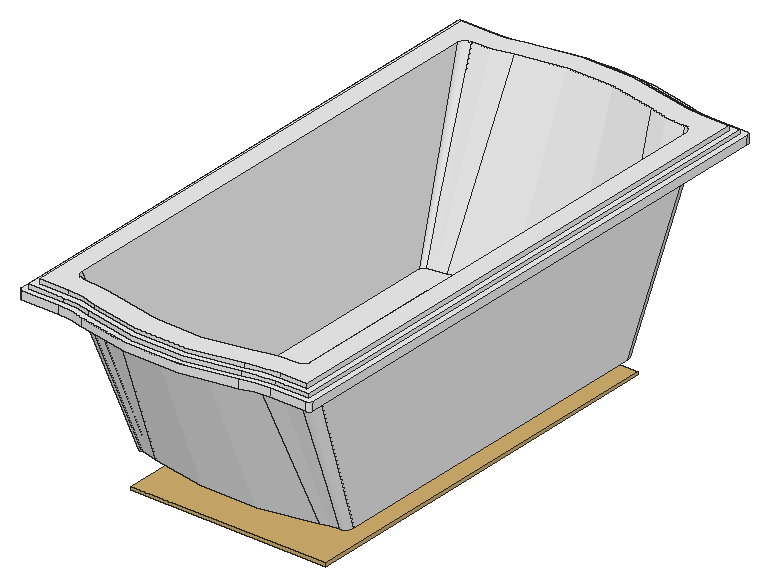
Revit family "bm-00085_abr784s", category Plumbing Fixtures, host Face, Revit 2016
Family settings
  Host = Face
  Part Type = Normal
  Round Connector Dimension = Use Radius
  OmniClass Number = 23.45.05.14.21
  OmniClass Title = Bathtubs
  Cut with Voids When Loaded = No
  Shared = No
  Room Calculation Point = No
Parameters (values of type "ABR784S")
  ecoScorecard_data = " "
  ecoScorecard Product Page = "  "
  Width = 35 7/8"
  Waste Connection Radius = 1 1/4"
  Waste Connection NPT = 2"
  Waste Connection = yes
  Warranty URL = "http://www.totousa.com/warranty-registration"
  Warranty = "1 Year Limited Warranty on acrylic tub; 1 Year Limited Warranty on components and parts"
  WFU = 0
  Voltage = 120 V
  Vent Connection = yes
  URL = "http://www.totousa.com"
  Toto BIM Number = "BM-00085"  # constant formula
  Subcategory = "Bathtubs"  # constant formula
  Style = "Traditional"  # constant formula
  Spec Sheet URL = "http://assets.totousa.com/product-files/SS-01027_ABR784.pdf"
  Shipping Weight = 148.00 lbf
  Series = "Clayton"  # constant formula
  Product Page URL = " "
  Parts Manual URL = "http://assets.totousa.com/product-files/PD-00811_REMOTE_AIRBATHS.pdf"
  Owners Manual URL = "http://assets.totousa.com/product-files/0GU5054_AIRBATH_OM.pdf"
  Number of Poles = 1
  Model = "ABA784L"  # constant formula
  Manufacturer Toll Free Phone = "1-888-295-8134"  # constant formula
  Manufacturer Phone = "(770) 282-8686 "  # constant formula
  Manufacturer Fax = "(770) 282-0002"  # constant formula
  Manufacturer Email = "mailto:custservice@totousa.com "
  Manufacturer Address = "1155 Southern Road, Morrow, Georgia 30260"  # constant formula
  Manufacturer = "TOTO USA, Inc."  # constant formula
  Installation URL = "http://assets.totousa.com/product-files/0GU5034_AIRBATH_BATHTUB_IM.pdf"
  Industry Standards = "300 VA"
  Height = 25 3/8"
  HWFU = 0
  HW Connection = no
  Full Load Amps = 15 A
  Frequency = 60 Hz
  Finish = Metal - TOTO - Chrome - Polished
  Description = "6' Air Bathtub"  # constant formula
  Depth = 71 5/8"
  Default Elevation = 0"
  Cost Info = "mailto:custservice@totousa.com "
  Color Availability = "#01  Cotton, #12  Sedona Beige"
  CWFU = 0
  CW Connection = no
  CAD Drawing URL = "http://assets.totousa.com/product-files/AD-00129_ABR784S.dxf"
  Bottom Plate = Metal - TOTO - LifeKoat - Brass - Polished
  Blower Motor Horsepower (HP) = 1
  Assembly Code = "D2010510"
  95 CSI = "15410"
  04 CSI = "22 41 19"
Reference planes (in)
  plane 1 "Center (Front/Back)": y = 0
  plane 2: z = 0
  plane 3 "Center (Left/Right)": x = 0
Dimensions and locks (in)
  aligned and locked: plane 2 to host face
  aligned and locked: level to host face
  aligned: nested 1 to plane 3 "Center (Left/Right)"
  aligned: plane 1 "Center (Front/Back)" to nested 1
  aligned and locked: nested 1 to plane 3 "Center (Left/Right)"
  aligned and locked: plane 1 "Center (Front/Back)" to nested 1
Nested families (in)
  nested 1: "ABA784L" at (0, 0, 0) x (0, 1, 0) z (0, 0, 1), type "ABA784L"
Connectors (in)
  piping at (9.8125, 0, 3.375), diameter 2.5, driven by "Waste Connection Radius"
    settings: on nested 1, index 1, connector inside diameter 2 1/2", connector length 0", flow factor 0, pipe flow 0 GPM, pressure drop 0.00 psi, fitting loss kfactor 0, connector angle 0.00°, fixture units 0, engagement length 0", angle of deflection 0.00°, flow configuration 3, flow direction 2, fitting loss method 0, system type 16, joint type 0, gender type 0, connector reference index -1, connector utility 0, adjustable connector no, is connector primary yes, connector description "Waste Outlet Connection"
  electrical at (13.85938, 0, 13.375), driven by "Voltage"
    settings: on nested 1, index 2, voltage 120 V, apparent load 0 VA, apparent load phase1 0 VA, apparent load phase2 0 VA, apparent load phase3 0 VA, power factor 1, load classification "Other", number of poles 1, system type 30, power factor state 1, is connector primary yes, connector utility no, sub classification motor no, connector description "Power Connection"
Definition of nested family "ABA784L"
  Parameters
    ecoScorecard_data = ""
    ecoScorecard Product Page = ""
    Waste Connection Radius = Waste Connection NPT / 2  # 1"
    Waste Connection NPT = 2"
    Waste Connection = yes
    WFU = 0
    Voltage = 120 V
    Vent Connection = yes
    URL = "http://www.totousa.com"
    Toto Version = "V.01"  # constant formula
    Toto BIM Number = "BM-00085"  # constant formula
    Subcategory = "Baths"  # constant formula
    Shipping Weight = 148.00 lbf
    Series = "Clayton"
    Product URL = "http://www.totousa.com/ProductDetail/tabid/75/Default.aspx?ProductId=20d99218-603c-4732-9ab9-e906ca661e77&SearchId=80163866-1f2e-47de-86ac-71a0c6c0640d"
    Number of Poles = 1
    Nominal Width = 35 7/8"  # constant formula
    Nominal Length = 71 5/8"  # constant formula
    Nominal Height = 25 3/8"  # constant formula
    Model = "ABA784L"
    Manufacturer = "TOTO USA, Inc."  # constant formula
    HWFU = 0
    HW Connection = no
    Full Load Amps = 15 A
    Frequency = 60 Hz
    Description = "6' Air Bathtub"
    Default Elevation = 0"
    CWFU = 0
    CW Connection = no
    CADworks URL = "http://www.CADworks.net"
    Bottom Plate = none
    Blower Motor Horsepower (HP) = 1
    Bathtub Material = none
    Assembly Code = "D2010510"
    Apparent Power = 300 VA
  Reference planes (in)
    plane 1 "Center (Front/Back)": y = 0
    plane 2: z = 0
    plane 3 "Center (Left/Right)": x = 0
    plane 4: y = 17.9375
    plane 5: y = -17.9375
    plane 6: x = -35.8125
    plane 7 "Wall Closure": x = 35.8125
    plane 8: z = 25.375
    plane 9: z = 23.375
    plane 10: z = 0.375
    plane 11: z = 3.375
    plane 12: z = 4.375
    plane 13: z = 24.375
    plane 14: z = 21.125
    plane 15: y = -9.8125
  Forms (in)
    Extrusion 1, solid
      sketch origin (0, 0, 0) x (1, 0, 0) y (0, 1, 0)
        loop
          line (-48, 48) -> (-48, -48) -> (48, -48) -> (48, 48) -> (-48, 48)
      from 0 to -12
    Extrusion 2, solid, material <- "Bathtub Material", detail levels medium+fine
      sketch origin (0, -79.70833, 23.375) x (0, -1, 0) y (1, 0, 0)
        loop
          arc (-97.64583, -33.40234) -> (-97.49938, -33.7559) -> (-97.14583, -33.90234) r 0.5
          line (-97.14583, -33.90234) -> (-92.78517, -33.90234)
          arc (-92.78517, -33.90234) -> (-91.05072, -34.02835) -> (-89.35269, -34.40373) r 12
          arc (-89.35269, -34.40373) -> (-79.70833, -35.8125) -> (-70.06396, -34.40373) r 33.71684
          arc (-70.06396, -34.40373) -> (-68.36594, -34.02835) -> (-66.63148, -33.90234) r 12
          line (-66.63148, -33.90234) -> (-62.27083, -33.90234)
          arc (-62.27083, -33.90234) -> (-61.91728, -33.7559) -> (-61.77083, -33.40234) r 0.5
          line (-61.77083, -33.40234) -> (-61.77083, 33.40234)
          arc (-61.77083, 33.40234) -> (-61.91728, 33.7559) -> (-62.27083, 33.90234) r 0.5
          line (-62.27083, 33.90234) -> (-66.63148, 33.90234)
          arc (-66.63148, 33.90234) -> (-68.36594, 34.02835) -> (-70.06396, 34.40373) r 12
          arc (-70.06396, 34.40373) -> (-79.70833, 35.8125) -> (-89.35269, 34.40373) r 33.71684
          arc (-89.35269, 34.40373) -> (-91.05072, 34.02835) -> (-92.78517, 33.90234) r 12
          line (-92.78517, 33.90234) -> (-97.14583, 33.90234)
          arc (-97.14583, 33.90234) -> (-97.49938, 33.7559) -> (-97.64583, 33.40234) r 0.5
          line (-97.64583, 33.40234) -> (-97.64583, -33.40234)
      from 0 to 2
    Extrusion 3, solid, material <- "Bottom Plate", detail levels fine
      sketch origin (0, 0, 0) x (1, 0, 0) y (0, 1, 0)
        loop
          line (-24, 12) -> (-24, -12) -> (24, -12) -> (24, 12) -> (-24, 12)
      from 0 to 0.375
    Extrusion 4, solid, material <- "Bathtub Material", detail levels medium+fine
      sketch origin (-60, -180, 0.375) x (-1, 0, 0) y (0, -1, 0)
        loop
          line (-45, -187) -> (-45, -183.5) -> (-48.5, -183.5) -> (-48.5, -187) -> (-45, -187)
        loop
          line (-75, -187) -> (-71.5, -187) -> (-71.5, -183.5) -> (-75, -183.5) -> (-75, -187)
        loop
          line (-45, -173) -> (-48.5, -173) -> (-48.5, -176.5) -> (-45, -176.5) -> (-45, -173)
        loop
          line (-75, -173) -> (-75, -176.5) -> (-71.5, -176.5) -> (-71.5, -173) -> (-75, -173)
      from -0.375 to 3
    SweptBlend 5, solid, material <- "Bathtub Material", detail levels medium+fine
      path origin (0, 0, 0) x (1, 0, 0) y (0, 0, 1)
        loop
          line (0, 3.375) -> (0, 23.375)
      profile origin (0, 0, 3.375) x (-1, 0, 0) y (0, -1, 0)
        loop
          arc (21.10933, -13.09375) -> (21.77557, -12.83949) -> (22.10301, -12.20599) r 1
          arc (22.10301, -12.20599) -> (22.26826, -11.15958) -> (22.52516, -10.13183) r 12
          arc (22.52516, -10.13183) -> (24, 0) -> (22.52516, 10.13183) r 35.53926
          arc (22.52516, 10.13183) -> (22.26826, 11.15958) -> (22.10301, 12.20599) r 12
          arc (22.10301, 12.20599) -> (21.77557, 12.83949) -> (21.10933, 13.09375) r 1
          line (21.10933, 13.09375) -> (-21.10933, 13.09375)
          arc (-21.10933, 13.09375) -> (-21.77557, 12.83949) -> (-22.10301, 12.20599) r 1
          arc (-22.10301, 12.20599) -> (-22.26826, 11.15958) -> (-22.52516, 10.13183) r 12
          arc (-22.52516, 10.13183) -> (-24, 0) -> (-22.52516, -10.13183) r 35.53926
          arc (-22.52516, -10.13183) -> (-22.26826, -11.15958) -> (-22.10301, -12.20599) r 12
          arc (-22.10301, -12.20599) -> (-21.77557, -12.83949) -> (-21.10933, -13.09375) r 1
          line (-21.10933, -13.09375) -> (21.10933, -13.09375)
      end profile origin (0, 0, 23.375) x (-1, 0, 0) y (0, -1, 0)
        loop
          arc (28.80866, -14.625) -> (29.87081, -14.18417) -> (30.30866, -13.12077) r 1.5
          arc (30.30866, -13.12077) -> (30.46918, -10.8447) -> (30.96014, -8.61641) r 15.59375
          arc (30.96014, -8.61641) -> (32.21875, 0) -> (30.96014, 8.61641) r 30.12309
          arc (30.96014, 8.61641) -> (30.46918, 10.8447) -> (30.30866, 13.12077) r 15.59375
          arc (30.30866, 13.12077) -> (29.87081, 14.18417) -> (28.80866, 14.625) r 1.5
          line (28.80866, 14.625) -> (-28.80866, 14.625)
          arc (-28.80866, 14.625) -> (-29.87081, 14.18417) -> (-30.30866, 13.12077) r 1.5
          arc (-30.30866, 13.12077) -> (-30.46918, 10.8447) -> (-30.96014, 8.61641) r 15.59375
          arc (-30.96014, 8.61641) -> (-32.21875, 0) -> (-30.96014, -8.61641) r 30.12309
          arc (-30.96014, -8.61641) -> (-30.46918, -10.8447) -> (-30.30866, -13.12077) r 15.59375
          arc (-30.30866, -13.12077) -> (-29.87081, -14.18417) -> (-28.80866, -14.625) r 1.5
          line (-28.80866, -14.625) -> (28.80866, -14.625)
    SweptBlend 6, void
      path origin (0, 0, 0) x (1, 0, 0) y (0, 0, 1)
        loop
          line (0, 4.375) -> (0, 25.375)
      profile origin (0, 0, 4.375) x (-1, 0, 0) y (0, -1, 0)
        loop
          arc (22.04591, -9.98929) -> (23.5, 0) -> (22.04591, 9.98929) r 35.03926
          arc (22.04591, 9.98929) -> (21.77831, 11.05986) -> (21.60617, 12.14987) r 12.5
          arc (21.60617, 12.14987) -> (21.44245, 12.46662) -> (21.10933, 12.59375) r 0.5
          line (21.10933, 12.59375) -> (-21.10933, 12.59375)
          arc (-21.10933, 12.59375) -> (-21.44245, 12.46662) -> (-21.60617, 12.14987) r 0.5
          arc (-21.60617, 12.14987) -> (-21.77831, 11.05986) -> (-22.04591, 9.98929) r 12.5
          arc (-22.04591, 9.98929) -> (-23.5, 0) -> (-22.04591, -9.98929) r 35.03926
          arc (-22.04591, -9.98929) -> (-21.77831, -11.05986) -> (-21.60617, -12.14987) r 12.5
          arc (-21.60617, -12.14987) -> (-21.44245, -12.46662) -> (-21.10933, -12.59375) r 0.5
          line (-21.10933, -12.59375) -> (21.10933, -12.59375)
          arc (21.10933, -12.59375) -> (21.44245, -12.46662) -> (21.60617, -12.14987) r 0.5
          arc (21.60617, -12.14987) -> (21.77831, -11.05986) -> (22.04591, -9.98929) r 12.5
      end profile origin (0, 0, 25.375) x (-1, 0, 0) y (0, -1, 0)
        loop
          arc (30.48103, -8.47339) -> (31.71875, 0) -> (30.48103, 8.47339) r 29.62309
          arc (30.48103, 8.47339) -> (29.97433, 10.77312) -> (29.80866, 13.12218) r 16.09375
          arc (29.80866, 13.12218) -> (29.51676, 13.83111) -> (28.80866, 14.125) r 1
          line (28.80866, 14.125) -> (-28.80866, 14.125)
          arc (-28.80866, 14.125) -> (-29.51676, 13.83111) -> (-29.80866, 13.12218) r 1
          arc (-29.80866, 13.12218) -> (-29.97433, 10.77312) -> (-30.48103, 8.47339) r 16.09375
          arc (-30.48103, 8.47339) -> (-31.71875, 0) -> (-30.48103, -8.47339) r 29.62309
          arc (-30.48103, -8.47339) -> (-29.97433, -10.77312) -> (-29.80866, -13.12218) r 16.09375
          arc (-29.80866, -13.12218) -> (-29.51676, -13.83111) -> (-28.80866, -14.125) r 1
          line (-28.80866, -14.125) -> (28.80866, -14.125)
          arc (28.80866, -14.125) -> (29.51676, -13.83111) -> (29.80866, -13.12218) r 1
          arc (29.80866, -13.12218) -> (29.97433, -10.77312) -> (30.48103, -8.47339) r 16.09375
    Extrusion 7, void
      sketch origin (0, -79.70833, 25.375) x (1, 0, 0) y (0, -1, 0)
        loop
          line (-35.8125, -97.64583) -> (35.8125, -97.64583) -> (35.8125, -61.77083) -> (-35.8125, -61.77083) -> (-35.8125, -97.64583)
        loop
          arc (-32.96641, -88.92363) -> (-32.5441, -90.83391) -> (-32.40234, -92.78517) r 13.5
          line (-32.40234, -92.78517) -> (-32.40234, -96.14583) -> (32.40234, -96.14583) -> (32.40234, -92.78517)
          arc (32.40234, -92.78517) -> (32.5441, -90.83391) -> (32.96641, -88.92363) r 13.5
          arc (32.96641, -88.92363) -> (34.3125, -79.70833) -> (32.96641, -70.49302) r 32.21684
          arc (32.96641, -70.49302) -> (32.5441, -68.58274) -> (32.40234, -66.63148) r 13.5
          line (32.40234, -66.63148) -> (32.40234, -63.27083) -> (-32.40234, -63.27083) -> (-32.40234, -66.63148)
          arc (-32.40234, -66.63148) -> (-32.5441, -68.58274) -> (-32.96641, -70.49302) r 13.5
          arc (-32.96641, -70.49302) -> (-34.3125, -79.70833) -> (-32.96641, -88.92363) r 32.21684
      from 0 to 0.5
    Extrusion 8, void
      sketch origin (0, -79.70833, 24.875) x (0, 1, 0) y (1, 0, 0)
        loop
          arc (70.27849, -33.68507) -> (79.70833, -35.0625) -> (89.13816, -33.68507) r 32.96684
          arc (89.13816, -33.68507) -> (90.94232, -33.28623) -> (92.78517, -33.15234) r 12.75
          line (92.78517, -33.15234) -> (96.89583, -33.15234) -> (96.89583, 33.15234) -> (92.78517, 33.15234)
          arc (92.78517, 33.15234) -> (90.94232, 33.28623) -> (89.13816, 33.68507) r 12.75
          arc (89.13816, 33.68507) -> (79.70833, 35.0625) -> (70.27849, 33.68507) r 32.96684
          arc (70.27849, 33.68507) -> (68.47434, 33.28623) -> (66.63148, 33.15234) r 12.75
          line (66.63148, 33.15234) -> (62.52083, 33.15234) -> (62.52083, -33.15234) -> (66.63148, -33.15234)
          arc (66.63148, -33.15234) -> (68.47434, -33.28623) -> (70.27849, -33.68507) r 12.75
        loop
          line (97.64583, -35.8125) -> (97.64583, 35.8125) -> (61.77083, 35.8125) -> (61.77083, -35.8125) -> (97.64583, -35.8125)
      from 0 to 0.5
    Extrusion 9, void
      sketch origin (0, -79.70833, 4.375) x (1, 0, 0) y (0, -1, 0)
        loop
          arc (-19.09756, -71.19254) -> (-20.25, -79.70833) -> (-19.09756, -88.22412) r 32.03926
          arc (-19.09756, -88.22412) -> (-18.73942, -88.75388) -> (-18.13353, -88.95833) r 1
          line (-18.13353, -88.95833) -> (18.13353, -88.95833)
          arc (18.13353, -88.95833) -> (18.73942, -88.75388) -> (19.09756, -88.22412) r 1
          arc (19.09756, -88.22412) -> (20.25, -79.70833) -> (19.09756, -71.19254) r 32.03926
          arc (19.09756, -71.19254) -> (18.73942, -70.66278) -> (18.13353, -70.45833) r 1
          line (18.13353, -70.45833) -> (3.13187, -70.45833)
          arc (3.13187, -70.45833) -> (2.60576, -70.60791) -> (2.23705, -71.0119) r 1
          arc (2.23705, -71.0119) -> (0, -72.39583) -> (-2.23705, -71.0119) r 2.5
          arc (-2.23705, -71.0119) -> (-2.60576, -70.60791) -> (-3.13187, -70.45833) r 1
          line (-3.13187, -70.45833) -> (-18.13353, -70.45833)
          arc (-18.13353, -70.45833) -> (-18.73942, -70.66278) -> (-19.09756, -71.19254) r 1
      from 0 to 0.25
    Extrusion 10, void
      sketch origin (0, -79.70833, 4.375) x (1, 0, 0) y (0, -1, 0)
        loop
          circle (0, -69.89583) r 1
      from 0 to 1
    Extrusion 11, void
      sketch origin (-60, 17.9375, 48) x (1, 0, 0) y (0, 0, 1)
        loop
          circle (60, -26.875) r 1
      from 27.75 to 35.875
    Extrusion 12, solid, material <- "Bathtub Material", detail levels coarse
      sketch origin (0, -79.70833, 25.375) x (0, -1, 0) y (1, 0, 0)
        loop
          line (-97.64583, 33.40234) -> (-97.64583, -33.40234)
          arc (-97.64583, -33.40234) -> (-97.49938, -33.7559) -> (-97.14583, -33.90234) r 0.5
          line (-97.14583, -33.90234) -> (-92.78517, -33.90234)
          arc (-92.78517, -33.90234) -> (-91.05072, -34.02835) -> (-89.35269, -34.40373) r 12
          arc (-89.35269, -34.40373) -> (-84.58169, -35.45845) -> (-79.70833, -35.8125) r 33.71684
          arc (-79.70833, -35.8125) -> (-74.83497, -35.45845) -> (-70.06396, -34.40373) r 33.71684
          arc (-70.06396, -34.40373) -> (-68.36594, -34.02835) -> (-66.63148, -33.90234) r 12
          line (-66.63148, -33.90234) -> (-62.27083, -33.90234)
          arc (-62.27083, -33.90234) -> (-61.91728, -33.7559) -> (-61.77083, -33.40234) r 0.5
          line (-61.77083, -33.40234) -> (-61.77083, 33.40234)
          arc (-61.77083, 33.40234) -> (-61.91728, 33.7559) -> (-62.27083, 33.90234) r 0.5
          line (-62.27083, 33.90234) -> (-66.63148, 33.90234)
          arc (-66.63148, 33.90234) -> (-68.36594, 34.02835) -> (-70.06396, 34.40373) r 12
          arc (-70.06396, 34.40373) -> (-74.83497, 35.45845) -> (-79.70833, 35.8125) r 33.71684
          arc (-79.70833, 35.8125) -> (-84.58169, 35.45845) -> (-89.35269, 34.40373) r 33.71684
          arc (-89.35269, 34.40373) -> (-91.05072, 34.02835) -> (-92.78517, 33.90234) r 12
          line (-92.78517, 33.90234) -> (-97.14583, 33.90234)
          arc (-97.14583, 33.90234) -> (-97.49938, 33.7559) -> (-97.64583, 33.40234) r 0.5
      from 0 to -25.375
  Cuts and joins
    SweptBlend 6, Extrusion 7, Extrusion 8, Extrusion 9, Extrusion 10, Extrusion 11 cuts Extrusion 2
    SweptBlend 6, Extrusion 7, Extrusion 8, Extrusion 9, Extrusion 10, Extrusion 11 cuts SweptBlend 5
    joined: Extrusion 2, SweptBlend 5
  Lines and regions (in)
    symbolic lines
      curve 1: line (33.40234, 17.9375, 25.375) -> (-33.40234, 17.9375, 25.375)
      curve 2: arc (-33.40234, 17.9375, 25.375) -> (-33.7559, 17.79105, 25.375) -> (-33.90234, 17.4375, 25.375) r 0.5
      curve 3: line (-33.90234, 17.4375, 25.375) -> (-33.90234, 13.07685, 25.375)
      curve 4: arc (-33.90234, 13.07685, 25.375) -> (-34.02835, 11.34239, 25.375) -> (-34.40373, 9.64437, 25.375) r 12
      curve 5: arc (-34.40373, 9.64437, 25.375) -> (-35.45845, 4.87336, 25.375) -> (-35.8125, 0, 25.375) r 33.71684
      curve 6: arc (-35.8125, 0, 25.375) -> (-35.45845, -4.87336, 25.375) -> (-34.40373, -9.64437, 25.375) r 33.71684
      curve 7: arc (-34.40373, -9.64437, 25.375) -> (-34.02835, -11.34239, 25.375) -> (-33.90234, -13.07685, 25.375) r 12
      curve 8: line (-33.90234, -13.07685, 25.375) -> (-33.90234, -17.4375, 25.375)
      curve 9: arc (-33.90234, -17.4375, 25.375) -> (-33.7559, -17.79105, 25.375) -> (-33.40234, -17.9375, 25.375) r 0.5
      curve 10: line (-33.40234, -17.9375, 25.375) -> (33.40234, -17.9375, 25.375)
      curve 11: arc (33.40234, -17.9375, 25.375) -> (33.7559, -17.79105, 25.375) -> (33.90234, -17.4375, 25.375) r 0.5
      curve 12: line (33.90234, -17.4375, 25.375) -> (33.90234, -13.07685, 25.375)
      curve 13: arc (33.90234, -13.07685, 25.375) -> (34.02835, -11.34239, 25.375) -> (34.40373, -9.64437, 25.375) r 12
      curve 14: arc (34.40373, -9.64437, 25.375) -> (35.45845, -4.87336, 25.375) -> (35.8125, 0, 25.375) r 33.71684
      curve 15: arc (35.8125, 0, 25.375) -> (35.45845, 4.87336, 25.375) -> (34.40373, 9.64437, 25.375) r 33.71684
      curve 16: arc (34.40373, 9.64437, 25.375) -> (34.02835, 11.34239, 25.375) -> (33.90234, 13.07685, 25.375) r 12
      curve 17: line (33.90234, 13.07685, 25.375) -> (33.90234, 17.4375, 25.375)
      curve 18: arc (33.90234, 17.4375, 25.375) -> (33.7559, 17.79105, 25.375) -> (33.40234, 17.9375, 25.375) r 0.5
    symbolic lines, detail levels medium+fine
      curve 19: line (33.15234, 17.1875, 25.375) -> (-33.15234, 17.1875, 25.375)
      curve 20: line (-33.15234, 17.1875, 25.375) -> (-33.15234, 13.07685, 25.375)
      curve 21: arc (-33.15234, 13.07685, 25.375) -> (-33.28623, 11.23399, 25.375) -> (-33.68507, 9.42984, 25.375) r 12.75
      curve 22: arc (-33.68507, 9.42984, 25.375) -> (-35.0625, 0, 25.375) -> (-33.68507, -9.42984, 25.375) r 32.96684
      curve 23: arc (-33.68507, -9.42984, 25.375) -> (-33.28623, -11.23399, 25.375) -> (-33.15234, -13.07685, 25.375) r 12.75
      curve 24: line (-33.15234, -13.07685, 25.375) -> (-33.15234, -17.1875, 25.375)
      curve 25: line (-33.15234, -17.1875, 25.375) -> (33.15234, -17.1875, 25.375)
      curve 26: line (33.15234, -17.1875, 25.375) -> (33.15234, -13.07685, 25.375)
      curve 27: arc (33.15234, -13.07685, 25.375) -> (33.28623, -11.23399, 25.375) -> (33.68507, -9.42984, 25.375) r 12.75
      curve 28: arc (33.68507, -9.42984, 25.375) -> (35.0625, 0, 25.375) -> (33.68507, 9.42984, 25.375) r 32.96684
      curve 29: arc (33.68507, 9.42984, 25.375) -> (33.28623, 11.23399, 25.375) -> (33.15234, 13.07685, 25.375) r 12.75
      curve 30: line (33.15234, 13.07685, 25.375) -> (33.15234, 17.1875, 25.375)
      curve 31: line (-32.40234, 16.4375, 25.375) -> (-32.40234, 13.07685, 25.375)
      curve 32: arc (-32.40234, 13.07685, 25.375) -> (-32.5441, 11.12559, 25.375) -> (-32.96641, 9.21531, 25.375) r 13.5
      curve 33: arc (-32.96641, 9.21531, 25.375) -> (-34.3125, 0, 25.375) -> (-32.96641, -9.21531, 25.375) r 32.21684
      curve 34: arc (-32.96641, -9.21531, 25.375) -> (-32.5441, -11.12559, 25.375) -> (-32.40234, -13.07685, 25.375) r 13.5
      curve 35: line (-32.40234, -13.07685, 25.375) -> (-32.40234, -16.4375, 25.375)
      curve 36: line (-32.40234, -16.4375, 25.375) -> (32.40234, -16.4375, 25.375)
      curve 37: line (32.40234, -16.4375, 25.375) -> (32.40234, -13.07685, 25.375)
      curve 38: arc (32.40234, -13.07685, 25.375) -> (32.5441, -11.12559, 25.375) -> (32.96641, -9.21531, 25.375) r 13.5
      curve 39: arc (32.96641, -9.21531, 25.375) -> (34.3125, 0, 25.375) -> (32.96641, 9.21531, 25.375) r 32.21684
      curve 40: arc (32.96641, 9.21531, 25.375) -> (32.5441, 11.12559, 25.375) -> (32.40234, 13.07685, 25.375) r 13.5
      curve 41: line (32.40234, 13.07685, 25.375) -> (32.40234, 16.4375, 25.375)
      curve 42: line (32.40234, 16.4375, 25.375) -> (-32.40234, 16.4375, 25.375)
      curve 43: line (-28.80866, 14.125, 25.375) -> (28.80866, 14.125, 25.375)
      curve 44: arc (28.80866, 14.125, 25.375) -> (29.51676, 13.83111, 25.375) -> (29.80866, 13.12218, 25.375) r 1
      curve 45: arc (29.80866, 13.12218, 25.375) -> (29.97433, 10.77312, 25.375) -> (30.48103, 8.47339, 25.375) r 16.09375
      curve 46: arc (30.48103, 8.47339, 25.375) -> (31.71875, 0, 25.375) -> (30.48103, -8.47339, 25.375) r 29.62309
      curve 47: arc (30.48103, -8.47339, 25.375) -> (29.97433, -10.77312, 25.375) -> (29.80866, -13.12218, 25.375) r 16.09375
      curve 48: arc (29.80866, -13.12218, 25.375) -> (29.51676, -13.83111, 25.375) -> (28.80866, -14.125, 25.375) r 1
      curve 49: line (28.80866, -14.125, 25.375) -> (-28.80866, -14.125, 25.375)
      curve 50: arc (-28.80866, -14.125, 25.375) -> (-29.51676, -13.83111, 25.375) -> (-29.80866, -13.12218, 25.375) r 1
      curve 51: arc (-29.80866, -13.12218, 25.375) -> (-29.97433, -10.77312, 25.375) -> (-30.48103, -8.47339, 25.375) r 16.09375
      curve 52: arc (-30.48103, -8.47339, 25.375) -> (-31.71875, 0, 25.375) -> (-30.48103, 8.47339, 25.375) r 29.62309
      curve 53: arc (-30.48103, 8.47339, 25.375) -> (-29.97433, 10.77312, 25.375) -> (-29.80866, 13.12218, 25.375) r 16.09375
      curve 54: arc (-29.80866, 13.12218, 25.375) -> (-29.51676, 13.83111, 25.375) -> (-28.80866, 14.125, 25.375) r 1
      curve 55: line (21.10933, 12.59375, 25.375) -> (-21.10933, 12.59375, 25.375)
      curve 56: arc (-21.10933, 12.59375, 25.375) -> (-21.44245, 12.46662, 25.375) -> (-21.60617, 12.14987, 25.375) r 0.5
      curve 57: arc (-21.60617, 12.14987, 25.375) -> (-21.77831, 11.05986, 25.375) -> (-22.04591, 9.98929, 25.375) r 12.5
      curve 58: arc (-22.04591, 9.98929, 25.375) -> (-23.5, 0, 25.375) -> (-22.04591, -9.98929, 25.375) r 35.03926
      curve 59: arc (-22.04591, -9.98929, 25.375) -> (-21.77831, -11.05986, 25.375) -> (-21.60617, -12.14987, 25.375) r 12.5
      curve 60: arc (-21.60617, -12.14987, 25.375) -> (-21.44245, -12.46662, 25.375) -> (-21.10933, -12.59375, 25.375) r 0.5
      curve 61: line (-21.10933, -12.59375, 25.375) -> (21.10933, -12.59375, 25.375)
      curve 62: arc (21.10933, -12.59375, 25.375) -> (21.44245, -12.46662, 25.375) -> (21.60617, -12.14987, 25.375) r 0.5
      curve 63: arc (21.60617, -12.14987, 25.375) -> (21.77831, -11.05986, 25.375) -> (22.04591, -9.98929, 25.375) r 12.5
      curve 64: arc (22.04591, -9.98929, 25.375) -> (23.5, 0, 25.375) -> (22.04591, 9.98929, 25.375) r 35.03926
      curve 65: arc (22.04591, 9.98929, 25.375) -> (21.77831, 11.05986, 25.375) -> (21.60617, 12.14987, 25.375) r 12.5
      curve 66: arc (21.60617, 12.14987, 25.375) -> (21.44245, 12.46662, 25.375) -> (21.10933, 12.59375, 25.375) r 0.5
      curve 67: line (-18.13353, 9.25, 25.375) -> (18.13353, 9.25, 25.375)
      curve 68: arc (18.13353, 9.25, 25.375) -> (18.73942, 9.04555, 25.375) -> (19.09756, 8.51579, 25.375) r 1
      curve 69: arc (19.09756, 8.51579, 25.375) -> (20.25, 0, 25.375) -> (19.09756, -8.51579, 25.375) r 32.03926
      curve 70: arc (19.09756, -8.51579, 25.375) -> (18.73942, -9.04555, 25.375) -> (18.13353, -9.25, 25.375) r 1
      curve 71: line (18.13353, -9.25, 25.375) -> (3.13187, -9.25, 25.375)
      curve 72: arc (3.13187, -9.25, 25.375) -> (2.60576, -9.10042, 25.375) -> (2.23705, -8.69643, 25.375) r 1
      curve 73: arc (2.23705, -8.69643, 25.375) -> (0, -7.3125, 25.375) -> (-2.23705, -8.69643, 25.375) r 2.5
      curve 74: arc (-2.23705, -8.69643, 25.375) -> (-2.60576, -9.10042, 25.375) -> (-3.13187, -9.25, 25.375) r 1
      curve 75: line (-3.13187, -9.25, 25.375) -> (-18.13353, -9.25, 25.375)
      curve 76: arc (-18.13353, -9.25, 25.375) -> (-18.73942, -9.04555, 25.375) -> (-19.09756, -8.51579, 25.375) r 1
      curve 77: arc (-19.09756, -8.51579, 25.375) -> (-20.25, 0, 25.375) -> (-19.09756, 8.51579, 25.375) r 32.03926
      curve 78: arc (-19.09756, 8.51579, 25.375) -> (-18.73942, 9.04555, 25.375) -> (-18.13353, 9.25, 25.375) r 1
      curve 79: arc (1, -9.8125, 25.375) -> (0, -10.8125, 25.375) -> (-1, -9.8125, 25.375) r 1
      curve 80: arc (-1, -9.8125, 25.375) -> (0, -8.8125, 25.375) -> (1, -9.8125, 25.375) r 1
      curve 81: spline (0.99963, -13.8151, 25.375) -> (0.96616, -13.83396, 25.375) -> (0.86661, -13.85154, 25.375) -> (0.70781, -13.86664, 25.375) -> (0.5006, -13.87823, 25.375) -> (0.25916, -13.88551, 25.375) -> (0, -13.888, 25.375) -> (-0.25916, -13.88551, 25.375) -> (-0.5006, -13.87823, 25.375) -> (-0.70781, -13.86664, 25.375) -> (-0.86661, -13.85154, 25.375) -> (-0.96616, -13.83396, 25.375) -> (-0.99963, -13.8151, 25.375)
      curve 82: spline (-0.99963, -13.8151, 25.375) -> (-0.96616, -13.79625, 25.375) -> (-0.86661, -13.77867, 25.375) -> (-0.70781, -13.76357, 25.375) -> (-0.5006, -13.75198, 25.375) -> (-0.25916, -13.7447, 25.375) -> (0, -13.74221, 25.375) -> (0.25916, -13.7447, 25.375) -> (0.5006, -13.75198, 25.375) -> (0.70781, -13.76357, 25.375) -> (0.86661, -13.77867, 25.375) -> (0.96616, -13.79625, 25.375) -> (0.99963, -13.8151, 25.375)
      curve 87: line (-34.3125, 9.8125, 25.375) -> (34.3125, 9.8125, 25.375)
      curve 88: line (35.0625, 9.8125, 24.875) -> (-35.0625, 9.8125, 24.875)
      curve 89: line (35.8125, 9.8125, 24.375) -> (-35.8125, 9.8125, 24.375)
      curve 90: line (35.8125, 9.8125, 23.375) -> (-35.8125, 9.8125, 23.375)
      curve 91: line (-34.3125, 9.8125, 25.375) -> (-34.3125, 9.8125, 24.875)
      curve 92: line (-35.0625, 9.8125, 24.875) -> (-35.0625, 9.8125, 24.375)
      curve 93: line (-35.8125, 9.8125, 24.375) -> (-35.8125, 9.8125, 23.375)
      curve 94: line (-33.90234, 9.8125, 24.375) -> (-33.90234, 9.8125, 23.375)
      curve 95: line (-33.15234, 9.8125, 24.875) -> (-33.15234, 9.8125, 24.375)
      curve 96: line (-32.40234, 9.8125, 25.375) -> (-32.40234, 9.8125, 24.875)
      curve 97: line (-24, 9.8125, 3.375) -> (-32.2221, 9.8125, 23.375)
      curve 98: line (24, 9.8125, 3.375) -> (-24, 9.8125, 3.375)
      curve 99: line (24, 9.8125, 3.375) -> (32.2199, 9.8125, 23.375)
      curve 100: line (34.3125, 9.8125, 25.375) -> (34.3125, 9.8125, 24.875)
      curve 101: line (35.0625, 9.8125, 24.875) -> (35.0625, 9.8125, 24.375)
      curve 102: line (35.8125, 9.8125, 24.375) -> (35.8125, 9.8125, 23.375)
      curve 103: line (33.90234, 9.8125, 24.375) -> (33.90234, 9.8125, 23.375)
      curve 104: line (33.15234, 9.8125, 24.875) -> (33.15234, 9.8125, 24.375)
      curve 105: line (32.40234, 9.8125, 25.375) -> (32.40234, 9.8125, 24.875)
      curve 106: arc (-1, 9.8125, 21.125) -> (0, 9.8125, 20.125) -> (1, 9.8125, 21.125) r 1
      curve 107: arc (1, 9.8125, 21.125) -> (0, 9.8125, 22.125) -> (-1, 9.8125, 21.125) r 1
      curve 108: line (11.5, 9.8125, 3.375) -> (11.5, 9.8125, 0.375)
      curve 109: line (15, 9.8125, 3.375) -> (15, 9.8125, 0.375)
      curve 110: line (-11.5, 9.8125, 3.375) -> (-11.5, 9.8125, 0.375)
      curve 111: line (-15, 9.8125, 3.375) -> (-15, 9.8125, 0.375)
      curve 126: line (0, 16.4375, 25.375) -> (0, -16.4375, 25.375)
      curve 127: line (0, -17.1875, 24.875) -> (0, 17.1875, 24.875)
      curve 128: line (0, -17.9375, 24.375) -> (0, 17.9375, 24.375)
      curve 129: line (0, -17.9375, 23.375) -> (0, 17.9375, 23.375)
      curve 130: line (0, 16.4375, 25.375) -> (0, 16.4375, 24.875)
      curve 131: line (0, 17.1875, 24.875) -> (0, 17.1875, 24.375)
      curve 132: line (0, 17.9375, 24.375) -> (0, 17.9375, 23.375)
      curve 133: line (0, -16.4375, 25.375) -> (0, -16.4375, 24.875)
      curve 134: line (0, -17.1875, 24.875) -> (0, -17.1875, 24.375)
      curve 135: line (0, -17.9375, 24.375) -> (0, -17.9375, 23.375)
      curve 136: line (0, -13.09375, 3.375) -> (0, 13.09375, 3.375)
      curve 137: line (0, -13.09375, 3.375) -> (0, -14.625, 23.375)
      curve 138: line (0, 13.09375, 3.375) -> (0, 14.625, 23.375)
      curve 139: line (0, 7, 3.375) -> (0, 7, 0.375)
      curve 140: line (0, 3.5, 3.375) -> (0, 3.5, 0.375)
      curve 141: line (0, -3.5, 3.375) -> (0, -3.5, 0.375)
      curve 142: line (0, -7, 3.375) -> (0, -7, 0.375)
    symbolic lines, detail levels coarse
      curve 83: line (-35.8125, 9.8125, 25.375) -> (35.8125, 9.8125, 25.375)
      curve 84: line (-35.8125, 9.8125, 0) -> (-35.8125, 9.8125, 25.375)
      curve 85: line (35.8125, 9.8125, 0) -> (-35.8125, 9.8125, 0)
      curve 86: line (35.8125, 9.8125, 25.375) -> (35.8125, 9.8125, 0)
      curve 122: line (0, 17.9375, 25.375) -> (0, -17.9375, 25.375)
      curve 123: line (0, 17.9375, 0) -> (0, 17.9375, 25.375)
      curve 124: line (0, -17.9375, 0) -> (0, 17.9375, 0)
      curve 125: line (0, -17.9375, 25.375) -> (0, -17.9375, 0)
    symbolic lines, detail levels medium
      curve 112: line (-15, 9.8125, 0.375) -> (-15, 9.8125, 0)
      curve 113: line (-15, 9.8125, 0) -> (-11.5, 9.8125, 0)
      curve 114: line (-11.5, 9.8125, 0) -> (-11.5, 9.8125, 0.375)
      curve 115: line (11.5, 9.8125, 0.375) -> (11.5, 9.8125, 0)
      curve 116: line (11.5, 9.8125, 0) -> (15, 9.8125, 0)
      curve 117: line (15, 9.8125, 0) -> (15, 9.8125, 0.375)
      curve 143: line (0, -3.5, 0.375) -> (0, -3.5, 0)
      curve 144: line (0, -3.5, 0) -> (0, -7, 0)
      curve 145: line (0, -7, 0) -> (0, -7, 0.375)
      curve 146: line (0, 7, 0.375) -> (0, 7, 0)
      curve 147: line (0, 7, 0) -> (0, 3.5, 0)
      curve 148: line (0, 3.5, 0) -> (0, 3.5, 0.375)
    symbolic lines, detail levels fine
      curve 118: line (-24, 9.8125, 0.375) -> (24, 9.8125, 0.375)
      curve 119: line (-24, 9.8125, 0) -> (-24, 9.8125, 0.375)
      curve 120: line (24, 9.8125, 0) -> (-24, 9.8125, 0)
      curve 121: line (24, 9.8125, 0.375) -> (24, 9.8125, 0)
      curve 149: line (0, 12, 0.375) -> (0, -12, 0.375)
      curve 150: line (0, 12, 0) -> (0, 12, 0.375)
      curve 151: line (0, -12, 0) -> (0, 12, 0)
      curve 152: line (0, -12, 0.375) -> (0, -12, 0)
  Dimensions and locks (in)
    "Nominal Width": plane 5 to plane 4
    equal spacing: plane 5, plane 1 "Center (Front/Back)", plane 4
    "Nominal Length": plane 6 to plane 7 "Wall Closure"
    equal spacing: plane 6, plane 3 "Center (Left/Right)", plane 7 "Wall Closure"
    "Nominal Height": plane 8 to plane 2
    locked: plane 8 to plane 9 at 2
    locked: Extrusion 2 sketch curve to Extrusion 2 sketch curve at 67.80469  (x2)
    equal spacing: Extrusion 2 sketch curve, plane 3 "Center (Left/Right)", Extrusion 2 sketch curve  (x2)
    Extrusion 2 sketch curve to Extrusion 2 sketch curve to plane 1 "Center (Front/Back)" to Extrusion 2 sketch curve to Extrusion 2 sketch curve = 3.43248" locked, 9.64437" locked, 9.64437" locked, 3.43248" locked  (x2)
    locked: Extrusion 2 sketch curve to Extrusion 2 sketch curve at 0.50139  (x4)
    locked: Extrusion 2 sketch curve to Extrusion 2 sketch curve at 0.5  (x8)
    locked: Extrusion 3 sketch curve to Extrusion 3 sketch curve at 24
    equal spacing: Extrusion 3 sketch curve, plane 1 "Center (Front/Back)", Extrusion 3 sketch curve
    locked: Extrusion 3 sketch curve to Extrusion 3 sketch curve at 48
    equal spacing: Extrusion 3 sketch curve, plane 3 "Center (Left/Right)", Extrusion 3 sketch curve
    locked: plane 10 to plane 2 at 0.375
    Extrusion 4 sketch curve to Extrusion 4 sketch curve to plane 3 "Center (Left/Right)" to Extrusion 4 sketch curve to Extrusion 4 sketch curve = 3 1/2" locked, 11 1/2" locked, 11 1/2" locked, 3 1/2" locked  (x2)
    Extrusion 4 sketch curve to Extrusion 4 sketch curve to plane 1 "Center (Front/Back)" to Extrusion 4 sketch curve to Extrusion 4 sketch curve = 3 1/2" locked, 3 1/2" locked, 3 1/2" locked, 3 1/2" locked  (x2)
    SweptBlend 5 sketch curve to SweptBlend 5 sketch curve to SweptBlend 5 sketch curve to plane 3 "Center (Left/Right)" to SweptBlend 5 sketch curve to SweptBlend 5 sketch curve to SweptBlend 5 sketch curve = 0.65148" locked, 1 1/2" locked, 28.80866" locked, 28.80866" locked, 1 1/2" locked, 0.65148" locked
    SweptBlend 5 sketch curve to SweptBlend 5 sketch curve to SweptBlend 5 sketch curve to plane 1 "Center (Front/Back)" to SweptBlend 5 sketch curve to SweptBlend 5 sketch curve to SweptBlend 5 sketch curve = 1.50423" locked, 4.50437" locked, 8.61641" locked, 8.61641" locked, 4.50437" locked, 1.50423" locked
    SweptBlend 5 sketch curve to SweptBlend 5 sketch curve to plane 3 "Center (Left/Right)" to SweptBlend 5 sketch curve to SweptBlend 5 sketch curve = 1 1/2" locked, 28.80866" locked, 28.80866" locked, 1 1/2" locked
    SweptBlend 5 sketch curve to SweptBlend 5 sketch curve to SweptBlend 5 sketch curve = 4.50437" locked, 1.50423" locked  (x2)
    locked: plane 8 to plane 12 at 21
    SweptBlend 6 sketch curve to SweptBlend 6 sketch curve to SweptBlend 6 sketch curve to plane 3 "Center (Left/Right)" to SweptBlend 6 sketch curve to SweptBlend 6 sketch curve to SweptBlend 6 sketch curve = 0.67237" locked, 1" locked, 28.80866" locked, 28.80866" locked, 1" locked, 0.67237" locked  (x2)
    SweptBlend 6 sketch curve to SweptBlend 6 sketch curve to SweptBlend 6 sketch curve to plane 1 "Center (Front/Back)" to SweptBlend 6 sketch curve to SweptBlend 6 sketch curve to SweptBlend 6 sketch curve = 1.00282" locked, 4.64879" locked, 8.47339" locked, 8.47339" locked, 4.64879" locked, 1.00282" locked
    SweptBlend 6 sketch curve to SweptBlend 6 sketch curve to SweptBlend 6 sketch curve = 1.00282" locked, 4.64879" locked  (x2)
    plane 12 to cut or joined group of Extrusion 2, SweptBlend 5, SweptBlend 6, Extrusion 7, Extrusion 8, Extrusion 9, Extrusion 10, Extrusion 11 to plane 11 = 1/4" locked, 3/4" locked
    plane 8 to cut or joined group of Extrusion 2, SweptBlend 5, SweptBlend 6, Extrusion 7, Extrusion 8, Extrusion 9, Extrusion 10, Extrusion 11 to cut or joined group of Extrusion 2, SweptBlend 5, SweptBlend 6, Extrusion 7, Extrusion 8, Extrusion 9, Extrusion 10, Extrusion 11 to plane 9 = 1/2" locked, 1/2" locked, 1" locked
    plane 6 to Extrusion 8 sketch curve to Extrusion 8 sketch curve = 2.12743" locked, 0.53272" locked  (x2)
    Extrusion 8 sketch curve to Extrusion 8 sketch curve to plane 7 "Wall Closure" = 0.53272" locked, 2.12743" locked  (x2)
    plane 5 to Extrusion 8 sketch curve to Extrusion 8 sketch curve to Extrusion 8 sketch curve = 3/4" locked, 4.11065" locked, 3.64701" locked
    plane 4 to Extrusion 8 sketch curve to Extrusion 8 sketch curve to Extrusion 8 sketch curve = 3/4" locked, 4.11065" locked, 3.64701" locked
    Extrusion 8 sketch curve to Extrusion 8 sketch curve to Extrusion 8 sketch curve = 4.11065" locked, 3.64701" locked  (x2)
    plane 6 to Extrusion 7 sketch curve to Extrusion 7 sketch curve = 2.84609" locked, 0.56406" locked  (x2)
    Extrusion 7 sketch curve to Extrusion 7 sketch curve to plane 7 "Wall Closure" = 0.56406" locked, 2.84609" locked  (x2)
    plane 4 to Extrusion 7 sketch curve to Extrusion 7 sketch curve to Extrusion 7 sketch curve = 1 1/2" locked, 3.36065" locked, 3.86154" locked
    plane 5 to Extrusion 7 sketch curve to Extrusion 7 sketch curve to Extrusion 7 sketch curve = 1 1/2" locked, 3.36065" locked, 3.86154" locked
    Extrusion 7 sketch curve to Extrusion 7 sketch curve to Extrusion 7 sketch curve = 3.86154" locked, 3.36065" locked  (x2)
    locked: plane 13 to plane 9 at 1
    locked: cut or joined group of Extrusion 2, SweptBlend 5, SweptBlend 6, Extrusion 7, Extrusion 8, Extrusion 9, Extrusion 10, Extrusion 11 to plane 13 at 0.5
    locked: plane 14 to plane 12 at 16.75
    locked: Extrusion 11 sketch curve to plane 14 at 0
    locked: Extrusion 11 sketch curve to plane 3 "Center (Left/Right)" at 0
    SweptBlend 5 sketch curve to SweptBlend 5 sketch curve to SweptBlend 5 sketch curve to plane 3 "Center (Left/Right)" to SweptBlend 5 sketch curve to SweptBlend 5 sketch curve to SweptBlend 5 sketch curve = 0.42216" locked, 0.99368" locked, 21.10933" locked, 21.10933" locked, 0.99368" locked, 0.42216" locked  (x2)
    SweptBlend 5 sketch curve to SweptBlend 5 sketch curve to SweptBlend 5 sketch curve to plane 1 "Center (Front/Back)" to SweptBlend 5 sketch curve to SweptBlend 5 sketch curve to SweptBlend 5 sketch curve = 0.88776" locked, 2.07416" locked, 10.13183" locked, 10.13183" locked, 2.07416" locked, 0.88776" locked
    SweptBlend 5 sketch curve to SweptBlend 5 sketch curve to SweptBlend 5 sketch curve = 2.07416" locked, 0.88776" locked  (x2)
    SweptBlend 6 sketch curve to SweptBlend 6 sketch curve to SweptBlend 6 sketch curve to plane 3 "Center (Left/Right)" to SweptBlend 6 sketch curve to SweptBlend 6 sketch curve to SweptBlend 6 sketch curve = 0.43975" locked, 0.49684" locked, 21.10933" locked, 21.10933" locked, 0.49684" locked, 0.43975" locked  (x2)
    SweptBlend 6 sketch curve to SweptBlend 6 sketch curve to SweptBlend 6 sketch curve to plane 1 "Center (Front/Back)" to SweptBlend 6 sketch curve to SweptBlend 6 sketch curve to SweptBlend 6 sketch curve = 0.44388" locked, 2.16059" locked, 9.98929" locked, 9.98929" locked, 2.16059" locked, 0.44388" locked
    SweptBlend 6 sketch curve to SweptBlend 6 sketch curve to SweptBlend 6 sketch curve = 0.44388" locked, 2.16059" locked  (x2)
    locked: plane 5 to plane 15 at 8.125
    locked: Extrusion 10 sketch curve to plane 15 at 0
    locked: Extrusion 10 sketch curve to plane 3 "Center (Left/Right)" at 0
    Extrusion 9 sketch curve to Extrusion 9 sketch curve to plane 3 "Center (Left/Right)" to Extrusion 9 sketch curve to Extrusion 9 sketch curve = 0.96403" locked, 18.13353" locked, 18.13353" locked, 0.96403" locked
    Extrusion 9 sketch curve to Extrusion 9 sketch curve to Extrusion 9 sketch curve to Extrusion 9 sketch curve to plane 3 "Center (Left/Right)" to Extrusion 9 sketch curve to Extrusion 9 sketch curve to Extrusion 9 sketch curve to Extrusion 9 sketch curve = 0.96403" locked, 15.00166" locked, 0.89482" locked, 2.23705" locked, 2.23705" locked, 0.89482" locked, 15.00166" locked, 0.96403" locked
    Extrusion 9 sketch curve to Extrusion 9 sketch curve to Extrusion 9 sketch curve to plane 1 "Center (Front/Back)" to Extrusion 9 sketch curve to Extrusion 9 sketch curve = 0.55357" locked, 0.18064" locked, 8.51579" locked, 8.51579" locked, 0.73421" locked
    locked: Extrusion 9 sketch curve to Extrusion 9 sketch curve at 0.73421
    Extrusion 9 sketch curve to Extrusion 9 sketch curve to Extrusion 9 sketch curve to plane 1 "Center (Front/Back)" = 0.55357" locked, 0.18064" locked, 8.51579" locked
    "Waste Connection Radius": radius of Extrusion 10 sketch curve
    radius of Extrusion 11 sketch curve = 1"
    aligned and locked: plane 2 to Extrusion 1
    aligned and locked: level to Extrusion 1
    aligned and locked: Extrusion 2 sketch curve to plane 4
    aligned and locked: Extrusion 2 sketch curve to plane 5
    aligned and locked: plane 10 to Extrusion 3
    aligned and locked: Extrusion 3 to plane 2
    aligned: Extrusion 4 to plane 10
    aligned and locked: plane 11 to Extrusion 4
    aligned and locked: plane 3 "Center (Left/Right)" to SweptBlend 5 sketch curve
    aligned and locked: plane 9 to SweptBlend 5
    aligned and locked: SweptBlend 5 to plane 11
    aligned and locked: plane 3 "Center (Left/Right)" to SweptBlend 6 sketch curve
    aligned and locked: plane 6 to Extrusion 7 sketch curve
    aligned and locked: Extrusion 7 sketch curve to plane 5
    aligned and locked: plane 7 "Wall Closure" to Extrusion 7 sketch curve
    aligned and locked: Extrusion 7 sketch curve to plane 4
    aligned and locked: plane 6 to Extrusion 8 sketch curve
    aligned and locked: Extrusion 8 sketch curve to plane 4
    aligned and locked: plane 7 "Wall Closure" to Extrusion 8 sketch curve
    aligned and locked: Extrusion 8 sketch curve to plane 5
    aligned and locked: plane 12 to cut or joined group of Extrusion 2, SweptBlend 5, SweptBlend 6, Extrusion 7, Extrusion 8, Extrusion 9, Extrusion 10, Extrusion 11  (x3)
    aligned and locked: plane 8 to cut or joined group of Extrusion 2, SweptBlend 5, SweptBlend 6, Extrusion 7, Extrusion 8, Extrusion 9, Extrusion 10, Extrusion 11  (x2)
    aligned and locked: cut or joined group of Extrusion 2, SweptBlend 5, SweptBlend 6, Extrusion 7, Extrusion 8, Extrusion 9, Extrusion 10, Extrusion 11 to plane 11
    aligned and locked: cut or joined group of Extrusion 2, SweptBlend 5, SweptBlend 6, Extrusion 7, Extrusion 8, Extrusion 9, Extrusion 10, Extrusion 11 to plane 13
    aligned and locked: plane 13 to cut or joined group of Extrusion 2, SweptBlend 5, SweptBlend 6, Extrusion 7, Extrusion 8, Extrusion 9, Extrusion 10, Extrusion 11
    aligned and locked: cut or joined group of Extrusion 2, SweptBlend 5, SweptBlend 6, Extrusion 7, Extrusion 8, Extrusion 9, Extrusion 10, Extrusion 11 to cut or joined group of Extrusion 2, SweptBlend 5, SweptBlend 6, Extrusion 7, Extrusion 8, Extrusion 9, Extrusion 10, Extrusion 11  (x2)
    aligned: plane 4 to Extrusion 11
    aligned and locked: plane 5 to Extrusion 11
    aligned and locked: Extrusion 11 to plane 15
    aligned and locked: Extrusion 4 to level
  Automatic sketch dimensions
    Extrusion 1 sketch curve to Extrusion 1 sketch curve = 96"  (x2)
    Extrusion 2 sketch curve to Extrusion 2 sketch curve = 0"  (x2)
    SweptBlend 5 sketch curve to plane 11 = 0"
    SweptBlend 5 sketch curve to plane 9 = 0"
    SweptBlend 5 sketch curve to SweptBlend 5 sketch curve = 0"  (x13)
    SweptBlend 6 sketch curve to plane 12 = 0"
    SweptBlend 6 sketch curve to plane 8 = 0"
    plane 1 "Center (Front/Back)" to SweptBlend 6 sketch curve = 0"  (x2)
    SweptBlend 6 sketch curve to SweptBlend 6 sketch curve = 0"  (x9)
    Extrusion 7 sketch curve to Extrusion 7 sketch curve = 0"  (x2)
    Extrusion 8 sketch curve to Extrusion 8 sketch curve = 0"  (x2)
    plane 1 "Center (Front/Back)" to SweptBlend 5 sketch curve = 0"
    SweptBlend 6 sketch curve to SweptBlend 6 sketch curve = 0.43975"
    Extrusion 9 sketch curve to Extrusion 9 sketch curve = 0"  (x3)
    curve 5 to curve 6 = 0"
    curve 14 to curve 15 = 0"
    curve 1 to plane 4 = 0"
    plane 1 "Center (Front/Back)" to curve 15 = 0"
    plane 1 "Center (Front/Back)" to curve 5 = 0"
    plane 5 to curve 10 = 0"
    curve 5 to plane 6 = 0"
    curve 15 to plane 7 "Wall Closure" = 0"
    curve 2 to plane 4 = 1/2"
    curve 17 to plane 4 = 1/2"
    plane 6 to curve 3 = 1 233/256"
    curve 2 to curve 3 = 4.36065"
    plane 7 "Wall Closure" to curve 16 = 1 233/256"
    curve 18 to curve 16 = 4.36065"
    curve 3 to curve 4 = 3.43248"
    curve 17 to curve 16 = 3.43248"
    curve 5 to curve 4 = 0"
    curve 15 to curve 16 = 0"
    curve 14 to plane 15 = 0.16813"
    curve 7 to plane 15 = 0.16813"
    curve 13 to curve 14 = 0"
    curve 6 to curve 7 = 0"
    curve 14 to curve 12 = 3.43248"
    curve 7 to curve 7 = 3.43248"
    curve 11 to plane 5 = 1/2"
    curve 9 to plane 5 = 1/2"
    curve 4 to curve 21 = 0"  (x2)
    curve 5 to curve 22 = 0"  (x2)
    curve 7 to curve 23 = 0"  (x2)
    curve 13 to curve 27 = 0"  (x2)
    curve 14 to curve 28 = 0"  (x2)
    curve 16 to curve 29 = 0"  (x2)
    curve 2 to curve 19 = 1/4"
    curve 16 to curve 28 = 0.21453"
    curve 29 to curve 28 = 0"
    curve 4 to curve 22 = 0.21453"
    curve 21 to curve 22 = 0"
    curve 23 to curve 22 = 0"
    curve 27 to curve 28 = 0"
    curve 26 to curve 11 = 1/4"
    curve 4 to curve 32 = 0"  (x2)
    curve 5 to curve 33 = 0"  (x2)
    curve 7 to curve 34 = 0"  (x2)
    curve 13 to curve 38 = 0"  (x2)
    curve 14 to curve 39 = 0"  (x2)
    curve 16 to curve 40 = 0"  (x2)
    curve 19 to curve 41 = 3/4"
    curve 21 to curve 33 = 0.21453"
    curve 28 to curve 40 = 0.21453"
    curve 32 to curve 33 = 0"
    curve 39 to curve 40 = 0"
    curve 38 to curve 39 = 0"
    curve 34 to curve 33 = 0"
    curve 36 to curve 24 = 3/4"
    curve 4 to curve 53 = 0"  (x2)
    curve 5 to curve 52 = 0"  (x2)
    curve 7 to curve 51 = 0"  (x2)
    curve 13 to curve 47 = 0"  (x2)
    curve 14 to curve 46 = 0"  (x2)
    curve 16 to curve 45 = 0"  (x2)
    curve 43 to curve 41 = 1.04815"
    curve 43 to curve 54 = 1"
    curve 43 to curve 44 = 1"
    curve 54 to curve 53 = 0.00282"
    curve 54 to curve 53 = 0"
    curve 44 to curve 45 = 0.00282"
    curve 44 to curve 45 = 0"
    curve 46 to curve 45 = 0"
    curve 52 to curve 53 = 0"
    curve 51 to curve 52 = 0"
    curve 47 to curve 46 = 0"
    curve 38 to curve 48 = 0.04534"
    curve 34 to curve 51 = 0.04534"
    curve 50 to curve 51 = 0"
    curve 47 to curve 48 = 0"
    curve 47 to curve 48 = 0.00282"
    plane 1 "Center (Front/Back)" to curve 58 = 0"
    plane 1 "Center (Front/Back)" to curve 64 = 0"
    curve 65 to curve 16 = 0.47604"
    curve 57 to curve 4 = 0.47604"
    curve 55 to plane 4 = 5 11/32"
    curve 55 to curve 66 = 0.44388"
    curve 55 to curve 56 = 0.44388"
    curve 65 to curve 66 = 0"
    curve 57 to curve 56 = 0"
    curve 55 to curve 66 = 1/2"
    curve 55 to curve 56 = 1/2"
    curve 65 to curve 65 = 2.16059"
    curve 64 to curve 65 = 0"
    curve 56 to curve 58 = 2.16059"
    curve 57 to curve 58 = 0"
    plane 15 to curve 59 = 0.17679"
    curve 58 to curve 59 = 0"
    plane 15 to curve 64 = 0.17679"
    curve 63 to curve 64 = 0"
    plane 15 to curve 62 = 2 9/32"
    plane 15 to curve 60 = 2 9/32"
    curve 60 to curve 59 = 0.05612"
    curve 62 to curve 62 = 0.05612"
    curve 63 to curve 62 = 0"
    curve 60 to curve 59 = 0"
    curve 60 to curve 60 = 1/2"
    curve 59 to curve 8 = 0.12484"
    curve 64 to curve 5 = 9.44359"
    plane 1 "Center (Front/Back)" to curve 77 = 0"
    plane 1 "Center (Front/Back)" to curve 69 = 0"
    curve 73 to plane 3 "Center (Left/Right)" = 0"
    plane 15 to curve 73 = 0"
    curve 64 to curve 68 = 0.73929"
    curve 67 to curve 68 = 0.73421"
    curve 78 to curve 77 = 0.73421"
    curve 78 to curve 77 = 0"
    curve 69 to curve 68 = 0"
    curve 67 to curve 68 = 1"
    curve 78 to curve 78 = 0.26579"
    curve 74 to plane 15 = 1 9/16"
    curve 70 to plane 15 = 1 9/16"
    curve 76 to plane 15 = 1 9/16"
    curve 72 to plane 15 = 1 9/16"
    curve 70 to curve 70 = 0.26579"
    curve 76 to curve 77 = 0.26579"
    curve 76 to curve 77 = 0"
    curve 69 to curve 70 = 0"
    curve 74 to curve 73 = 0.44643"
    curve 74 to curve 73 = 0"
    curve 72 to curve 72 = 0.44643"
    curve 58 to curve 76 = 2.94836"
    curve 69 to curve 64 = 1/4"
    curve 73 to curve 79 = 0"  (x2)
    curve 80 to curve 73 = 1"
    curve 82 to plane 3 "Center (Left/Right)" = 0"
    curve 81 to plane 3 "Center (Left/Right)" = 0"
    curve 82 to plane 3 "Center (Left/Right)" = 0.99964"
    plane 15 to curve 82 = 4.00241"
    curve 82 to curve 82 = 0.0002"
    curve 81 to curve 81 = 0.0002"
    curve 82 to curve 81 = 0"
    curve 81 to curve 81 = 0"
    Extrusion 12 sketch curve to Extrusion 12 sketch curve = 0"  (x8)
    Extrusion 12 sketch curve to plane 4 = 0"
    plane 1 "Center (Front/Back)" to Extrusion 12 sketch curve = 0"  (x2)
    plane 5 to Extrusion 12 sketch curve = 0"
    Extrusion 12 sketch curve to plane 6 = 0"
    Extrusion 12 sketch curve to plane 7 "Wall Closure" = 0"
    Extrusion 12 sketch curve to plane 4 = 1/2"  (x2)
    plane 6 to Extrusion 12 sketch curve = 1 233/256"
    Extrusion 12 sketch curve to Extrusion 12 sketch curve = 4.36065"  (x2)
    plane 7 "Wall Closure" to Extrusion 12 sketch curve = 1 233/256"
    Extrusion 12 sketch curve to Extrusion 12 sketch curve = 3.43248"  (x4)
    Extrusion 12 sketch curve to plane 15 = 0.16813"  (x2)
    Extrusion 12 sketch curve to plane 5 = 1/2"  (x2)
    curve 106 to curve 107 = 0"  (x2)
    plane 7 "Wall Closure" to curve 89 = 0"
    plane 7 "Wall Closure" to curve 102 = 0"
    curve 101 to plane 13 = 0"
    curve 100 to plane 8 = 0"
    curve 103 to plane 9 = 0"
    curve 105 to plane 8 = 0"
    curve 120 to level = 0"
    curve 121 to plane 10 = 0"
    curve 99 to plane 11 = 0"
    curve 117 to level = 0"
    curve 117 to plane 10 = 0"
    curve 115 to plane 10 = 0"
    curve 115 to level = 0"
    curve 107 to plane 14 = 0"
    curve 106 to plane 3 "Center (Left/Right)" = 0"
    curve 113 to level = 0"
    curve 110 to plane 10 = 0"
    curve 112 to plane 10 = 0"
    curve 85 to plane 6 = 0"
    curve 93 to plane 6 = 0"
    plane 7 "Wall Closure" to curve 101 = 3/4"
    curve 88 to curve 100 = 3/4"
    curve 100 to curve 103 = 105/256"
    curve 103 to curve 104 = 3/4"
    curve 104 to curve 105 = 3/4"
    curve 104 to curve 99 = 0.93245"
    plane 7 "Wall Closure" to curve 120 = 11 13/16"
    curve 118 to curve 99 = 0"
    curve 120 to curve 117 = 9"
    curve 116 to curve 116 = 3 1/2"
    plane 3 "Center (Left/Right)" to curve 107 = 1"
    curve 113 to plane 3 "Center (Left/Right)" = 11 1/2"
    curve 113 to curve 113 = 3 1/2"
    curve 111 to curve 98 = 9"
    curve 120 to curve 97 = 0"
    curve 97 to curve 90 = 3.5904"
    curve 96 to plane 8 = 1/2"
    curve 97 to curve 96 = 0.18024"
    curve 96 to curve 95 = 3/4"
    curve 95 to curve 94 = 3/4"
    curve 94 to curve 91 = 105/256"
    plane 6 to curve 92 = 3/4"
    curve 125 to level = 0"
    curve 125 to plane 5 = 0"
    curve 135 to plane 5 = 0"
    curve 134 to plane 13 = 0"
    curve 133 to plane 8 = 0"
    curve 137 to plane 9 = 0"
    curve 137 to plane 11 = 0"
    curve 151 to level = 0"
    curve 152 to plane 10 = 0"
    curve 142 to plane 10 = 0"
    curve 145 to level = 0"
    curve 143 to plane 10 = 0"
    curve 147 to level = 0"
    curve 140 to plane 10 = 0"
    curve 139 to plane 10 = 0"
    curve 132 to plane 4 = 0"
    curve 124 to plane 4 = 0"
    curve 125 to plane 8 = 0"
    curve 127 to plane 5 = 3/4"
    curve 127 to curve 133 = 3/4"
    curve 133 to curve 137 = 1 13/16"
    plane 15 to curve 137 = 3 9/32"
    plane 15 to curve 151 = 2 3/16"
    curve 142 to plane 15 = 2 13/16"
    plane 1 "Center (Front/Back)" to curve 143 = 3 1/2"
    curve 147 to plane 1 "Center (Front/Back)" = 3 1/2"
    curve 140 to curve 139 = 3 1/2"
    curve 139 to curve 150 = 5"
    curve 149 to curve 136 = 1 3/32"
    curve 138 to plane 4 = 3 5/16"
    curve 130 to plane 8 = 1/2"
    curve 130 to plane 4 = 1 1/2"
    curve 131 to plane 4 = 3/4"
